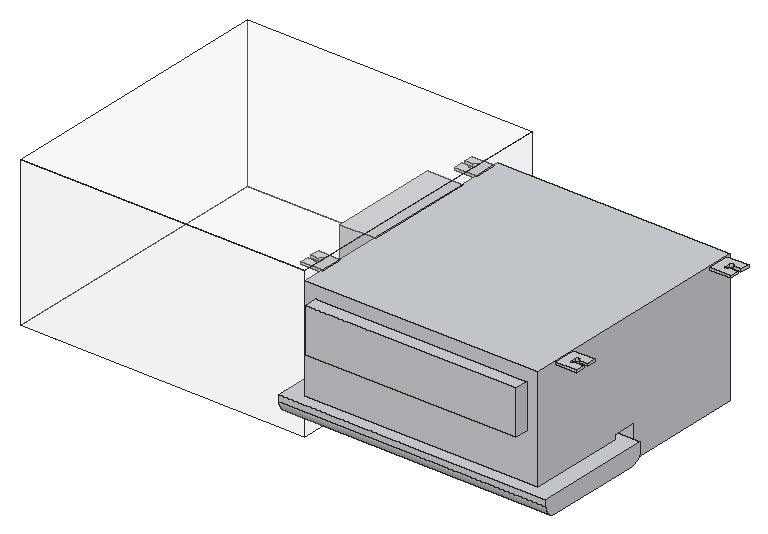
Revit family "pefy-mp22_36ml(-r)_60Hz", category 機械設備, Revit 2019
Family settings
  丸型コネクタ寸法 = 直径を使用
  パーツ タイプ = 標準
  OmniClass 番号 = 23.75.10.24.21.27.27
  OmniClass タイトル = Split System Air Conditioning Units
  作業面ベース = いいえ
  常に垂直 = はい
  ロード時にボイドで切り取り = いいえ
  共有 = いいえ
  部屋計算ポイント = はい
Parameters (values of type "PEFY-MP22ML")
  騒音レベル（弱）(dB) = 39
  音響パワーレベル（中1）(dB) = 49
  風量（弱）（m3／min） = 4.8
  風量（中2）（m3／min） = 5.8
  風量（中1）（m3／min） = 6.8
  風量（m3／min） = 7.9
  音響パワーレベル（中2）(dB) = 45
  音響パワーレベル(dB) = 53
  電圧_電気ヒーター = 0 V
  電動機出力_送風機 = 0.085 kW
  運転質量 = 0.00 kg
  説明 = "ビル用マルチエアコン 天井埋込形 室内機"
  設計暖房能力 [instance] = 0 kW
  設計冷房能力_顕熱 [instance] = 0 kW
  設計冷房能力 [instance] = 0 kW
  設置方法 = "天井吊（隠ぺい）形"
  製造元 = "三菱電機株式会社"
  製品質量 = 18.00 kg
  製品出荷対象 = "国内"
  製品リリース年月 = "2024/9/30"
  製品グループ = ""
  表示 = yes
  系統 [instance] = ""
  相_電気ヒーター = 1
  盤記号 [instance] = ""
  特殊仕様 [instance] = ""
  点検口 = yes
  消費電力_電気ヒーター = 0 kW
  消費電力_暖房 = 0.03 kW
  消費電力_加湿器 = 0 kW
  消費電力_冷房 = 0.04 kW
  消費電力 = if(消費電力_冷房 > 消費電力_暖房, 消費電力_冷房, 消費電力_暖房) + 消費電力_加湿器 + 消費電力_電気ヒーター  # 0.04 kW
  法定耐用年数 = "15"
  機外静圧 = 5.0 Pa
  極数 = 1
  材質 [instance] = ""
  形式_加湿器 = ""
  形式 = "天井吊（隠ぺい）形（両ダクト形）"
  幹線記号 [instance] = ""
  呼称 = "室内機_天井吊（隠ぺい）形（両ダクト形）"
  台数_手元リモコン [instance] = ""
  台数_冷媒分岐ユニット [instance] = ""
  参照している仕様書等のバージョン = "公共建築工事標準仕様書（機械設備工事編）平成31年度版"
  加湿給水管径 = 0.00 mm
  分類コード = "50053003221070"
  分類グループ = ""
  冷媒高低圧ガス管径 = 0.00 mm
  価格 = 0
  企業コード = "108420"
  付属品_フィルター = ""
  付属品 [instance] = ""
  仕様書バージョン = "Version1.0"
  モデル = "PEFY-MP22ML"
  コメント [instance] = ""
  Keynote = ""
  Width = 530.000 mm
  Version = ""
  Uniclass2015Version = "Systems v1.9"
  Uniclass2015Title = "Split coil remote air cooled condensing units"
  Uniclass2015Code = "Pr_70_65_03_84"
  URL = "https://www.mitsubishielectric.co.jp/ldg/wink/qr/002/335170/"
  SpecificationReference = ""
  SpecificationDescription = ""
  風量 = MAX風量  # 474.0 m³/h
  電源種別 = ""
  電圧 = 200 V
  連動 = ""
  質量 = if(製品質量 > 運転質量, 製品質量, 運転質量) * 1.2  # 21.60 kg
  負荷分類 = 3_ファン類
  記号 [instance] = ""
  符号 = "ACP-CID"
  積算_科目 = "1 空気調和設備"
  積算_拾い区分 [instance] = ""
  相 = 1
  発停方法 = "付属スイッチ"
  火災停止 = ""
  本体マテリアル = none
  有効加湿量 = 0
  暖房能力 = 2.5 kW
  始動方式 = "直入"
  周波数 = 60 Hz
  冷房能力 = 2.2 kW
  冷媒管径符号 = "Ac"
  冷媒管径 = 100.00 mm
  冷媒液管径 = 6.35 mm
  冷媒ガス管径 = 12.70 mm
  ドレン管径 = 27.20 mm
  SAサイズ_W = 480.000 mm
  SAサイズ_D = 100.000 mm
  Revision = ""
  R-表示 = no
  ProductInformation = ""
  OmniClassCode = "23-33 17 13 11"
  MIN風量 = 風量（弱）（m3／min） * 60.0 m³/h  # 288.0 m³/h
  MID風量2 = 風量（中2）（m3／min） * 60.0 m³/h  # 348.0 m³/h
  MID風量 = 風量（中1）（m3／min） * 60.0 m³/h  # 408.0 m³/h
  MAX風量 = 風量（m3／min） * 60.0 m³/h  # 474.0 m³/h
  IfcTypeProduct = ""
  IfcProduct = ""
  IfcExportType = "AIRCONDITIONINGUNIT"
  IfcExportAs = "IfcUnitaryEquipmentType"
  Height = 300.000 mm
  Depth = 550.000 mm
  Author = "三菱電機株式会社"
Types (6, lengths in mm): name | 音響パワーレベル（中1）(dB) | 風量（中2）（m3／min） | 風量（中1）（m3／min） | 風量（m3／min） | 音響パワーレベル（中2）(dB) | 音響パワーレベル(dB) | 表示 | 消費電力_暖房 | 消費電力_冷房 | 消費電力 | モデル | URL | 風量 | 暖房能力 | 冷房能力 | R-表示 | MID風量2 | MID風量 | MAX風量
  PEFY-MP22ML | 49 | 5.8 | 6.8 | 7.9 | 45 | 53 | yes | 0.03 kW | 0.04 kW | 0.04 kW | "PEFY-MP22ML" | "https://www.mitsubishielectric.co.jp/ldg/wink/qr/002/335170/" | 474.0 m³/h | 2.5 kW | 2.2 kW | no | 348.0 m³/h | 408.0 m³/h | 474.0 m³/h
  PEFY-MP28ML | 49 | 5.8 | 6.8 | 7.9 | 45 | 53 | yes | 0.03 kW | 0.04 kW | 0.04 kW | "PEFY-MP28ML" | "https://www.mitsubishielectric.co.jp/ldg/wink/qr/002/335171/" | 474.0 m³/h | 3.2 kW | 2.8 kW | no | 348.0 m³/h | 408.0 m³/h | 474.0 m³/h
  PEFY-MP36ML | 51 | 6.3 | 7.8 | 9.3 | 47 | 56 | yes | 0.04 kW | 0.05 kW | 0.05 kW | "PEFY-MP36ML" | "https://www.mitsubishielectric.co.jp/ldg/wink/qr/002/335172/" | 558.0 m³/h | 4 kW | 3.6 kW | no | 378.0 m³/h | 468.0 m³/h | 558.0 m³/h
  PEFY-MP22ML-R | 49 | 5.8 | 6.8 | 7.9 | 45 | 53 | no | 0.03 kW | 0.04 kW | 0.04 kW | "PEFY-MP22ML-R" | "https://www.mitsubishielectric.co.jp/ldg/wink/qr/002/335173/" | 474.0 m³/h | 2.5 kW | 2.2 kW | yes | 348.0 m³/h | 408.0 m³/h | 474.0 m³/h
  PEFY-MP28ML-R | 49 | 5.8 | 6.8 | 7.9 | 45 | 53 | no | 0.03 kW | 0.04 kW | 0.04 kW | "PEFY-MP28ML-R" | "https://www.mitsubishielectric.co.jp/ldg/wink/qr/002/335174/" | 474.0 m³/h | 3.2 kW | 2.8 kW | yes | 348.0 m³/h | 408.0 m³/h | 474.0 m³/h
  PEFY-MP36ML-R | 51 | 6.3 | 7.8 | 9.3 | 47 | 56 | no | 0.04 kW | 0.05 kW | 0.05 kW | "PEFY-MP36ML-R" | "https://www.mitsubishielectric.co.jp/ldg/wink/qr/002/335175/" | 558.0 m³/h | 4 kW | 3.6 kW | yes | 378.0 m³/h | 468.0 m³/h | 558.0 m³/h
Reference planes
  plane 1 "中心(正面/背面)": y = 0
  plane 2: z = 0
  plane 3 "中心(左/右)": x = 0
  plane 4 "左": x = -265
  plane 5 "右": x = 265
  plane 6 "正面": y = -275
  plane 7 "背面": y = 275
  plane 8: z = 300
  plane 9: z = 320
  plane 10: z = -20
  plane 11: y = 375
  plane 12: y = -375
  plane 13: x = -915
  plane 14: x = -465
  plane 15: x = 915
  plane 16: x = 465
  plane 17: y = -175
Lines and regions (mm)
  Masking region 1, detail levels coarse+medium
    outline origin (0, 0, 0) x (1, 0, 0) y (0, 1, 0)
      loop
        line (-265, 275) -> (-265, -275) -> (265, -275) -> (265, 275) -> (-265, 275)
  symbolic lines
    curve 1: line (265, 275, 0) -> (-265, 275, 0)
    curve 2: line (-265, 275, 0) -> (-265, -275, 0)
    curve 3: line (-265, -275, 0) -> (265, -275, 0)
    curve 4: line (265, -275, 0) -> (265, 275, 0)
Dimensions and locks
  "Height": plane 8 to level
  equal spacing: plane 4 "左", plane 3 "中心(左/右)", plane 5 "右"
  "Width": plane 4 "左" to plane 5 "右"
  equal spacing: plane 6 "正面", plane 1 "中心(正面/背面)", plane 7 "背面"
  "Depth": plane 6 "正面" to plane 7 "背面"
  locked: plane 9 to plane 8 at 20
  locked: plane 2 to plane 10 at 20
  locked: plane 13 to plane 4 "左" at 650
  locked: plane 13 to plane 14 at 450
  locked: plane 6 "正面" to plane 11 at 650
  locked: plane 12 to plane 7 "背面" at 650
  locked: plane 5 "右" to plane 15 at 650
  locked: plane 16 to plane 15 at 450
  aligned and locked: level to plane 2
  aligned and locked: plane 10 to nested 3
  aligned and locked: plane 9 to nested 3
  aligned and locked: plane 2 to nested 4
  aligned and locked: plane 9 to nested 4
  aligned and locked: nested 2 to plane 3 "中心(左/右)"
  aligned and locked: nested 2 to plane 1 "中心(正面/背面)"
  aligned and locked: plane 15 to nested 4
  aligned and locked: plane 11 to nested 4
  aligned and locked: plane 5 "右" to nested 4
  aligned and locked: plane 6 "正面" to nested 4
  aligned and locked: plane 4 "左" to nested 3
  aligned and locked: plane 13 to nested 3
  aligned and locked: plane 1 "中心(正面/背面)" to nested 1
  aligned and locked: nested 1 to plane 3 "中心(左/右)"
  aligned and locked: plane 6 "正面" to nested 3
  aligned and locked: plane 11 to nested 3
  aligned and locked: curve 1 to nested 1
  aligned and locked: curve 2 to nested 1
  aligned and locked: curve 3 to nested 1
  aligned and locked: curve 4 to nested 1
  aligned and locked: plane 13 to nested 5
  aligned and locked: plane 14 to nested 5
  aligned and locked: plane 17 to nested 5
  aligned and locked: nested 5 to plane 7 "背面"
  aligned and locked: plane 15 to nested 6
  aligned and locked: nested 6 to plane 7 "背面"
  aligned and locked: plane 16 to nested 6
  aligned and locked: nested 6 to plane 17
Automatic sketch dimensions
  Masking region 1 sketch curve to plane 4 "左" = 0.000 mm
  Masking region 1 sketch curve to plane 5 "右" = 0.000 mm
  plane 6 "正面" to Masking region 1 sketch curve = 0.000 mm
  plane 7 "背面" to Masking region 1 sketch curve = 0.000 mm
Nested families
  nested 1: "PEFY-MP_ML" at (0, 0, 0) x (0, -1, 0) z (0, 0, 1), 表示 <- "表示", ①奥行き <- "Width", ①幅 <- "Depth", ①高さ <- "Height", ガス径 <- "冷媒ガス管径", ドレン径 <- "ドレン管径", 配管径 <- "冷媒管径", 液径 <- "冷媒液管径", type "PEFY-MP_ML"
    with 配管径 100.000 mm, 表示 yes, 液径 6.350 mm, 液W 27.000 mm, 液H 153.000 mm, 液D 62.000 mm, 吊りボルトW 439.000 mm, 吊りボルトH 0.000 mm, 吊りボルトD 584.000 mm, 加湿器径 0.000 mm, 加湿器W 0.000 mm, 加湿器H 0.000 mm, 加湿器D 0.000 mm, ドレン径 27.200 mm, ドレンW 109.000 mm, ドレンH 252.000 mm, ダクト高 100.000 mm, ダクト幅 480.000 mm, ガス径 12.700 mm, ガスW 139.000 mm, ガスH 37.000 mm, ①高さ 300.000 mm, ①幅 550.000 mm, ①奥行き 530.000 mm
  nested 2: "PEFY-MP_ML" at (0, 0, 0) x (0, -1, 0) z (0, 0, 1), 表示 <- "R-表示", ドレン径 <- "ドレン管径", type "PEFY-MP_ML"
    with 配管径 100.000 mm, 表示 no, 液径 6.350 mm, 液W 27.000 mm, 液H 153.000 mm, 液D 62.000 mm, 吊りボルトW 439.000 mm, 吊りボルトH 0.000 mm, 吊りボルトD 584.000 mm, 加湿器径 0.000 mm, 加湿器W 0.000 mm, 加湿器H 0.000 mm, 加湿器D 0.000 mm, ドレン径 27.200 mm, ドレンW 109.000 mm, ドレンH 252.000 mm, ダクト高 100.000 mm, ダクト幅 480.000 mm, ガス径 12.700 mm, ガスW 139.000 mm, ガスH 37.000 mm, ①高さ 300.000 mm, ①幅 550.000 mm, ①奥行き 530.000 mm
  nested 3: "サービススペース" at (-590, 50, 150), visible <- "表示", type "サービススペース"
    with Width 650.000 mm, Height 340.000 mm, Depth 650.000 mm
  nested 4: "サービススペース" at (590, 50, 160), visible <- "R-表示", type "サービススペース"
    with Width 650.000 mm, Height 320.000 mm, Depth 650.000 mm
  nested 5: "点検口設置範囲" at (-690, 50, 0), visible <- "点検口", type "点検口設置範囲"
    with Width 450.000 mm, Depth 450.000 mm
  nested 6: "点検口設置範囲" at (690, 50, 0), visible <- "点検口", type "点検口設置範囲"
    with Width 450.000 mm, Depth 450.000 mm
Connectors
  electrical at (-345, 50, 187.5), driven by "極数", driven by "負荷分類", driven by "電圧", driven by "消費電力"
    settings: on nested 1, index 1, voltage 200 V, apparent load 40 VA, apparent load phase1 0 VA, apparent load phase2 0 VA, apparent load phase3 0 VA, power factor 1, load classification "3_ファン類", number of poles 1, system type 30, power factor state 1, is connector primary yes, connector utility no, sub classification motor no, connector description ""
  electrical at (345, 50, 187.5), driven by "極数", driven by "負荷分類", driven by "電圧", driven by "消費電力"
    settings: on nested 2, index 5, voltage 200 V, apparent load 40 VA, apparent load phase1 0 VA, apparent load phase2 0 VA, apparent load phase3 0 VA, power factor 1, load classification "3_ファン類", number of poles 1, system type 30, power factor state 1, is connector primary no, connector utility no, sub classification motor no, connector description ""
  piping at (327, -166, 48), diameter 27.2, driven by "ドレン管径"
    settings: on nested 2, index 9, connector inside diameter 609.60 mm, connector length 0.000 mm, flow factor 0, pipe flow 0.0 L/s, pressure drop 0.0 Pa, fitting loss kfactor 0, connector angle 0.00°, fixture units 0, engagement length 0.000 mm, angle of deflection 0.00°, flow configuration 1, flow direction 2, fitting loss method 4, system type 16, joint type 0, gender type 0, connector reference index -1, connector utility 0, adjustable connector no, is connector primary yes, connector description ""
  hvac at (0, -305, 222), driven by "SAサイズ_D", driven by "SAサイズ_W", driven by "風量"
    settings: on nested 2, index 10, duct flow 474.0 m³/h, flow factor 0, pres drop 0.0 Pa, loss coef 0, conn angle 0.00°, conn width 480 mm, conn height 100 mm, conn diameter 609.6 mm, duct sys type 1, conn prof type 1, flow config 0, flow direction 2, loss method 4, conn ref index -1, conn util no, is conn primary yes, conn desc ""
  piping at (-327, -166, 48), diameter 27.2, driven by "ドレン管径"
    settings: on nested 1, index 11, connector inside diameter 609.60 mm, connector length 0.000 mm, flow factor 0, pipe flow 0.0 L/s, pressure drop 0.0 Pa, fitting loss kfactor 0, connector angle 0.00°, fixture units 0, engagement length 0.000 mm, angle of deflection 0.00°, flow configuration 1, flow direction 2, fitting loss method 4, system type 16, joint type 0, gender type 0, connector reference index -1, connector utility 0, adjustable connector no, is connector primary no, connector description ""
  piping at (-334, -122.5, 186.5), diameter 100, driven by "冷媒管径", driven by "冷媒管径符号"
    settings: on nested 1, index 12, connector inside diameter 609.60 mm, connector length 0.000 mm, flow factor 0, pipe flow 0.0 L/s, pressure drop 0.0 Pa, fitting loss kfactor 0, connector angle 0.00°, fixture units 0, engagement length 0.000 mm, angle of deflection 0.00°, flow configuration 1, flow direction 1, fitting loss method 4, system type 7, joint type 0, gender type 0, connector reference index -1, connector utility 0, adjustable connector no, is connector primary no, connector description "Ac"
  piping at (334, -122.5, 186.5), diameter 100, driven by "冷媒管径符号", driven by "冷媒管径"
    settings: on nested 2, index 13, connector inside diameter 609.60 mm, connector length 0.000 mm, flow factor 0, pipe flow 0.0 L/s, pressure drop 0.0 Pa, fitting loss kfactor 0, connector angle 0.00°, fixture units 0, engagement length 0.000 mm, angle of deflection 0.00°, flow configuration 1, flow direction 1, fitting loss method 4, system type 7, joint type 0, gender type 0, connector reference index -1, connector utility 0, adjustable connector no, is connector primary no, connector description "Ac"
Definition of nested family "PEFY-MP_ML"
  Parameters (values of type "PEFY-MP_ML")
    表示 [instance] = yes
    加湿器径 [instance] = 0.000 mm
    加湿器W [instance] = 0.000 mm
    加湿器H [instance] = 0.000 mm
    加湿器D [instance] = 0.000 mm
    液径 [instance] = 6.350 mm
    吊りボルトW [instance] = 439.000 mm
    吊りボルトH [instance] = 0.000 mm
    吊りボルトD [instance] = 584.000 mm
    配管径 [instance] = 100.000 mm
    液W [instance] = 27.000 mm
    液H [instance] = 153.000 mm
    液D [instance] = 62.000 mm
    ドレン径 [instance] = 27.200 mm
    ドレンW [instance] = 109.000 mm
    ドレンH [instance] = 252.000 mm
    ダクト高 [instance] = 100.000 mm
    ダクト幅 [instance] = 480.000 mm
    ガス径 [instance] = 12.700 mm
    ガスW [instance] = 139.000 mm
    ガスH [instance] = 37.000 mm
    ①幅 [instance] = 550.000 mm
    ①高さ [instance] = 300.000 mm
    ①奥行き [instance] = 530.000 mm
  Reference planes
    plane 1 "中心(正面/背面)": y = 0
    plane 2: z = 0
    plane 3 "中心(左/右)": x = 0
    plane 4: x = -275
    plane 5: x = 275
    plane 6: y = 265
    plane 7: y = -265
    plane 8: z = 300
    plane 9: y = 292
    plane 10: y = -292
    plane 11: x = -239
    plane 12: x = 200
    plane 13: z = 295
    plane 14: x = 305
    plane 15: x = -214
    plane 16: x = -264
    plane 17: x = 175
    plane 18: x = 225
    plane 19: y = 315
    plane 20: y = -315
    plane 21: y = -345
    plane 22: z = 75
    plane 23: z = 25
    plane 24: x = 32
    plane 25: x = 75
    plane 26: x = -175
    plane 27: y = 305
    plane 28: y = -305
    plane 29: x = 300
    plane 30: x = 166
    plane 31: z = 65
    plane 32: z = 48
    plane 33: y = -240
    plane 34: y = 240
    plane 35: z = 272
    plane 36: z = 172
    plane 37: x = 109
    plane 38: x = 136
    plane 39: z = 263
    plane 40: z = 110
    plane 41: z = 186.5
    plane 42: x = 122.5
  Forms (mm)
    Extrusion 1, solid, visible <- "表示", detail levels fine
      sketch origin (0, 0, 0) x (1, 0, 0) y (0, 1, 0)
        loop
          line (-275, 265) -> (-275, -265) -> (275, -265) -> (275, 265) -> (-275, 265)
      from 75 to 300
    Extrusion 2, solid, visible <- "表示", detail levels fine
      sketch origin (0, 0, 0) x (1, 0, 0) y (0, 1, 0)
        loop
          line (-264, 315) -> (-264, 265) -> (-214, 265) -> (-214, 315) -> (-234, 315) -> (-234, 297)
          arc (-234, 297) -> (-229, 292) -> (-234, 287) r 5
          line (-234, 287) -> (-244, 287)
          arc (-244, 287) -> (-249, 292) -> (-244, 297) r 5
          line (-244, 297) -> (-244, 315) -> (-264, 315)
        loop
          line (-264, -315) -> (-244, -315) -> (-244, -297)
          arc (-244, -297) -> (-249, -292) -> (-244, -287) r 5
          line (-244, -287) -> (-234, -287)
          arc (-234, -287) -> (-229, -292) -> (-234, -297) r 5
          line (-234, -297) -> (-234, -315) -> (-214, -315) -> (-214, -265) -> (-264, -265) -> (-264, -315)
        loop
          line (175, 315) -> (175, 265) -> (225, 265) -> (225, 315) -> (205, 315) -> (205, 297)
          arc (205, 297) -> (210, 292) -> (205, 287) r 5
          line (205, 287) -> (195, 287)
          arc (195, 287) -> (190, 292) -> (195, 297) r 5
          line (195, 297) -> (195, 315) -> (175, 315)
        loop
          line (175, -315) -> (195, -315) -> (195, -297)
          arc (195, -297) -> (190, -292) -> (195, -287) r 5
          line (195, -287) -> (205, -287)
          arc (205, -287) -> (210, -292) -> (205, -297) r 5
          line (205, -297) -> (205, -315) -> (225, -315) -> (225, -265) -> (175, -265) -> (175, -315)
      from 295 to 300
    Extrusion 3, solid, visible <- "表示", detail levels fine
      sketch origin (0, 0, 0) x (1, 0, 0) y (0, 1, 0)
        loop
          line (0, 265) -> (-275, 265) -> (-275, -265) -> (0, -265) -> (0, 265)
      from 0 to 75
    Extrusion 4, solid, visible <- "表示", detail levels fine
      sketch origin (0, 0, 0) x (1, 0, 0) y (0, 0, 1)
        loop
          line (-175, 300) -> (-175, 75) -> (75, 75) -> (75, 300) -> (-175, 300)
      from 265 to 345
    Extrusion 5, solid, visible <- "表示", detail levels fine
      sketch origin (0, 0, 0) x (1, 0, 0) y (0, 0, 1)
        loop
          line (32, 65) -> (32, 50)
          arc (32, 50) -> (39.322, 32.322) -> (57, 25) r 25
          line (57, 25) -> (275, 25)
          arc (275, 25) -> (292.678, 32.322) -> (300, 50) r 25
          line (300, 50) -> (300, 65) -> (32, 65)
      from -305 to 305
    Extrusion 6, solid, visible <- "表示", detail levels fine
      sketch origin (0, 0, 0) x (1, 0, 0) y (0, 1, 0)
        loop
          line (275, 265) -> (55, 265) -> (55, -265) -> (275, -265) -> (275, 265)
      from 65 to 75
    Extrusion 7, solid, visible <- "表示", detail levels fine
      sketch origin (0, 0, 0) x (0, 1, 0) y (0, 0, 1)
        loop
          line (240, 272) -> (-240, 272) -> (-240, 172) -> (240, 172) -> (240, 272)
      from 275 to 305
    Extrusion 8, solid, detail levels coarse+medium
      sketch origin (0, 0, 0) x (1, 0, 0) y (0, 1, 0)
        loop
          line (275, 265) -> (-275, 265) -> (-275, -265) -> (275, -265) -> (275, 265)
      from 25 to 300
    Extrusion 9, solid, visible <- "表示", detail levels fine
      sketch origin (-275, -265, 0) x (1, 0, 0) y (0, 0, 1)
        loop
          circle (397.5, 186.5) r 50
      from 0 to 69
    Extrusion 10, solid, visible <- "表示", detail levels fine
      sketch origin (0, -305, 0) x (1, 0, 0) y (0, 0, 1)
        loop
          circle (166, 48) r 13.6
      from 0 to 22
  Cuts and joins
    joined: Extrusion 1, Extrusion 3, Extrusion 6
  Dimensions and locks
    equal spacing: plane 7, plane 1 "中心(正面/背面)", plane 6
    "①奥行き": plane 7 to plane 6
    equal spacing: plane 4, plane 3 "中心(左/右)", plane 5
    "①幅": plane 4 to plane 5
    "吊りボルトW": plane 11 to plane 12
    locked: plane 8 to plane 13 at 5
    "吊りボルトD": plane 10 to plane 9
    equal spacing: plane 10, plane 1 "中心(正面/背面)", plane 9
    locked: plane 5 to plane 14 at 30
    locked: plane 12 to plane 14 at 105
    locked: plane 20 to plane 7 at 50
    locked: plane 6 to plane 19 at 50
    plane 16 to plane 11 to plane 15 = 25.000 mm locked, 25.000 mm locked
    plane 17 to plane 12 to plane 18 = 25.000 mm locked, 25.000 mm locked
    locked: plane 21 to plane 7 at 80
    "①高さ": plane 8 to level
    locked: plane 8 to plane 22 at 225
    locked: plane 4 to plane 26 at 100
    locked: plane 26 to plane 25 at 250
    locked: plane 21 to plane 27 at 650
    locked: plane 28 to plane 7 at 40
    plane 6 to plane 27 = 40.000 mm
    locked: plane 5 to plane 29 at 25
    locked: plane 24 to plane 29 at 268
    "ドレンW": plane 5 to plane 30
    locked: plane 22 to plane 31 at 10
    locked: plane 22 to plane 23 at 50
    "ドレンH": plane 8 to plane 32
    locked: plane 7 to plane 33 at 25
    "ダクト幅": plane 33 to plane 34
    locked: plane 8 to plane 35 at 28
    "ダクト高": plane 35 to plane 36
    "ガスW": plane 5 to plane 38
    "液W": plane 38 to plane 37
    "ガスH": plane 8 to plane 39
    "液H": plane 39 to plane 40
    diameter of Extrusion 9 sketch curve = 100.000 mm
    "ドレン径": diameter of Extrusion 10 sketch curve
    aligned and locked: level to plane 2
    aligned and locked: plane 6 to Extrusion 1 sketch curve
    aligned and locked: plane 4 to Extrusion 1 sketch curve
    aligned and locked: Extrusion 1 sketch curve to plane 7
    aligned and locked: Extrusion 1 sketch curve to plane 5
    aligned and locked: plane 8 to Extrusion 1
    aligned and locked: plane 10 to nested 1
    aligned and locked: plane 11 to nested 1
    aligned and locked: plane 12 to nested 1
    aligned and locked: nested 1 to plane 9
    aligned and locked: plane 19 to Extrusion 2 sketch curve  (x4)
    aligned and locked: plane 16 to Extrusion 2 sketch curve
    aligned and locked: Extrusion 2 sketch curve to plane 6  (x2)
    aligned and locked: Extrusion 2 sketch curve to plane 15
    aligned and locked: plane 9 to Extrusion 2 sketch curve  (x4)
    aligned and locked: Extrusion 2 sketch curve to plane 18
    aligned and locked: plane 17 to Extrusion 2 sketch curve
    aligned and locked: Extrusion 2 sketch curve to plane 16
    aligned and locked: Extrusion 2 sketch curve to plane 7  (x2)
    aligned and locked: plane 15 to Extrusion 2 sketch curve
    aligned and locked: plane 20 to Extrusion 2 sketch curve  (x4)
    aligned and locked: plane 10 to Extrusion 2 sketch curve  (x4)
    aligned and locked: plane 18 to Extrusion 2 sketch curve
    aligned and locked: Extrusion 2 sketch curve to plane 17
    aligned and locked: plane 8 to Extrusion 2
    aligned and locked: Extrusion 2 to plane 13
    aligned and locked: Extrusion 1 to plane 22
    aligned and locked: Extrusion 1 to Extrusion 3 sketch curve
    aligned and locked: plane 3 "中心(左/右)" to Extrusion 3 sketch curve
    aligned and locked: Extrusion 3 sketch curve to Extrusion 1  (x2)
    aligned and locked: Extrusion 3 to Extrusion 1
    aligned and locked: Extrusion 4 sketch curve to plane 8
    aligned and locked: plane 26 to Extrusion 4 sketch curve
    aligned and locked: plane 22 to Extrusion 4 sketch curve
    aligned and locked: Extrusion 4 sketch curve to plane 25
    aligned and locked: plane 21 to Extrusion 4
    aligned and locked: Extrusion 4 to plane 7
    aligned and locked: Extrusion 5 sketch curve to plane 31
    aligned and locked: Extrusion 5 sketch curve to plane 24
    aligned and locked: Extrusion 5 sketch curve to plane 29
    aligned and locked: Extrusion 5 sketch curve to plane 23
    aligned and locked: plane 28 to Extrusion 5
    aligned and locked: Extrusion 5 to plane 27
    aligned and locked: Extrusion 6 sketch curve to plane 5
    aligned and locked: Extrusion 6 sketch curve to plane 6
    aligned and locked: Extrusion 6 sketch curve to plane 7
    aligned and locked: Extrusion 6 to plane 31
    aligned and locked: plane 22 to Extrusion 6
    aligned and locked: plane 35 to Extrusion 7 sketch curve
    aligned and locked: Extrusion 7 sketch curve to plane 36
    aligned and locked: plane 33 to Extrusion 7 sketch curve
    aligned and locked: Extrusion 7 to plane 5
    aligned and locked: plane 14 to Extrusion 7
    aligned and locked: Extrusion 8 sketch curve to cut or joined group of Extrusion 1, Extrusion 3, Extrusion 6  (x4)
    aligned and locked: Extrusion 5 to Extrusion 8
    aligned and locked: Extrusion 2 to Extrusion 8
  Automatic sketch dimensions
    Extrusion 2 sketch curve to plane 11 = 5.000 mm  (x4)
    plane 11 to Extrusion 2 sketch curve = 5.000 mm  (x3)
    Extrusion 2 sketch curve to plane 12 = 5.000 mm  (x3)
    plane 12 to Extrusion 2 sketch curve = 5.000 mm  (x3)
    Extrusion 2 sketch curve to Extrusion 2 sketch curve = 5.000 mm  (x2)
    plane 9 to Extrusion 2 sketch curve = 5.000 mm  (x2)
    Extrusion 2 sketch curve to Extrusion 2 sketch curve = 0.000 mm
    Extrusion 5 sketch curve to plane 31 = 15.000 mm
    Extrusion 5 sketch curve to plane 5 = 0.000 mm
    Extrusion 6 sketch curve to plane 25 = 20.000 mm
    Extrusion 7 sketch curve to plane 34 = 0.000 mm
    Extrusion 9 sketch curve to Extrusion 8 = 152.500 mm
    Extrusion 8 to Extrusion 9 sketch curve = 113.500 mm
    Extrusion 10 sketch curve to Extrusion 5 = 17.000 mm
    Extrusion 10 sketch curve to Extrusion 5 = 134.000 mm
  Nested families
    nested 1: "固定点" at (-239, -292, 0), visible <- "表示", type "固定点", detail levels fine
      with W 439.000 mm, D 584.000 mm, 中心円 10.000 mm
  Definition of nested family "固定点"
    Parameters (values of type "固定点")
      中心円 = 20.000 mm
      W [instance] = 1000.000 mm
      D [instance] = 1000.000 mm
    Reference planes
      plane 1 "中心(正面/背面)": y = 0
      plane 2: z = 0
      plane 3 "中心(左/右)": x = 0
      plane 4: x = 1000
      plane 5: y = 1000
    Lines and regions (mm)
      symbolic lines, detail levels fine
        curve 1: circle (0, 1000, 0) r 10 normal (0, 0, 1)
        curve 2: circle (0, 0, 0) r 10 normal (0, 0, 1)
        curve 3: circle (1000, 1000, 0) r 10 normal (0, 0, 1)
        curve 4: circle (1000, 0, 0) r 10 normal (0, 0, 1)
        curve 5: line (-200, 1000, 0) -> (1200, 1000, 0)
        curve 6: line (-200, 0, 0) -> (1200, 0, 0)
        curve 7: line (0, 1200, 0) -> (0, -200, 0)
        curve 8: line (1000, 1200, 0) -> (1000, -200, 0)
    Dimensions and locks
      "W": plane 3 "中心(左/右)" to plane 4
      "D": plane 1 "中心(正面/背面)" to plane 5
      "中心円": diameter of curve 1
      "中心円": diameter of curve 2
      "中心円": diameter of curve 3
      "中心円": diameter of curve 4
      aligned and locked: level to plane 2
      aligned and locked: plane 5 to curve 1
      aligned and locked: plane 3 "中心(左/右)" to curve 1
      aligned and locked: plane 3 "中心(左/右)" to curve 2
      aligned and locked: plane 1 "中心(正面/背面)" to curve 2
      aligned and locked: plane 4 to curve 3
      aligned and locked: plane 5 to curve 3
      aligned and locked: plane 1 "中心(正面/背面)" to curve 4
      aligned and locked: plane 4 to curve 4
      aligned and locked: plane 1 "中心(正面/背面)" to curve 6
      aligned and locked: curve 7 to plane 3 "中心(左/右)"
      aligned and locked: curve 8 to plane 4
    Automatic sketch dimensions
      curve 5 to plane 5 = 0.000 mm
      curve 6 to plane 3 "中心(左/右)" = 200.000 mm
      curve 5 to plane 3 "中心(左/右)" = 200.000 mm
      curve 4 to curve 6 = 200.000 mm
      curve 3 to curve 5 = 200.000 mm
      plane 1 "中心(正面/背面)" to curve 8 = 200.000 mm
      plane 1 "中心(正面/背面)" to curve 7 = 200.000 mm
      curve 3 to curve 8 = 200.000 mm
      curve 1 to curve 7 = 200.000 mm
Definition of nested family "サービススペース"
  Parameters (values of type "サービススペース")
    Width [instance] = 500.000 mm
    Height [instance] = 500.000 mm
    Depth [instance] = 500.000 mm
  Reference planes
    plane 1 "中心(正面/背面)": y = 0
    plane 2: z = 0
    plane 3 "中心(左/右)": x = 0
    plane 4: y = -250
    plane 5: x = 250
    plane 6: y = 250
    plane 7: x = -250
    plane 8: z = 250
    plane 9: z = -250
  Forms (mm)
    Extrusion 1, solid
      sketch origin (-638.939, 0, 72.39) x (1, 0, 0) y (0, 1, 0)
        loop
          line (388.939, 250) -> (388.939, -250) -> (888.939, -250) -> (888.939, 250) -> (388.939, 250)
      from -322.39 to 177.61
  Lines and regions (mm)
    symbolic lines
      curve 1: line (-250, 0, 250) -> (250, 0, 250)
      curve 2: line (-250, 0, -250) -> (-250, 0, 250)
      curve 3: line (250, 0, -250) -> (-250, 0, -250)
      curve 4: line (250, 0, 250) -> (250, 0, -250)
      curve 5: line (0, -250, 250) -> (0, 250, 250)
      curve 6: line (0, -250, -250) -> (0, -250, 250)
      curve 7: line (0, 250, -250) -> (0, -250, -250)
      curve 8: line (0, 250, 250) -> (0, 250, -250)
      curve 9: line (-250, 250, 0) -> (250, 250, 0)
      curve 10: line (-250, -250, 0) -> (-250, 250, 0)
      curve 11: line (250, -250, 0) -> (-250, -250, 0)
      curve 12: line (250, 250, 0) -> (250, -250, 0)
  Dimensions and locks
    equal spacing: plane 7, plane 3 "中心(左/右)", plane 5
    equal spacing: plane 4, plane 1 "中心(正面/背面)", plane 6
    "Depth": plane 4 to plane 6
    "Width": plane 7 to plane 5
    equal spacing: plane 8, plane 2, plane 9
    "Height": plane 8 to plane 9
    aligned and locked: plane 9 to curve 3
    aligned and locked: plane 7 to curve 2
    aligned and locked: curve 4 to plane 5
    aligned and locked: plane 5 to Extrusion 1
    aligned and locked: Extrusion 1 to plane 7
    aligned and locked: Extrusion 1 to plane 9
    aligned and locked: plane 8 to Extrusion 1
    aligned and locked: plane 9 to curve 7
  Automatic sketch dimensions
    plane 4 to Extrusion 1 sketch curve = 0.000 mm
    Extrusion 1 sketch curve to plane 7 = 0.000 mm
    Extrusion 1 sketch curve to plane 5 = 0.000 mm
    plane 6 to Extrusion 1 sketch curve = 0.000 mm
    curve 2 to plane 8 = 0.000 mm
    plane 4 to curve 11 = 0.000 mm
    curve 11 to plane 7 = 0.000 mm
    curve 11 to plane 5 = 0.000 mm
    plane 6 to curve 10 = 0.000 mm
    curve 7 to plane 4 = 0.000 mm
    curve 7 to plane 6 = 0.000 mm
    curve 6 to plane 8 = 0.000 mm
Definition of nested family "点検口設置範囲"
  Parameters (values of type "点検口設置範囲")
    Width [instance] = 650.000 mm
    Depth [instance] = 650.000 mm
  Reference planes
    plane 1 "中心(正面/背面)": y = 0
    plane 2: z = 0
    plane 3 "中心(左/右)": x = 0
    plane 4: x = -325
    plane 5: x = 325
    plane 6: y = -325
    plane 7: y = 325
  Lines and regions (mm)
    model lines
      curve 1: line (-325, 325, 0) -> (325, 325, 0)
      curve 2: line (-325, -325, 0) -> (-325, 325, 0)
      curve 3: line (325, -325, 0) -> (-325, -325, 0)
      curve 4: line (325, 325, 0) -> (325, -325, 0)
  Dimensions and locks
    "Depth": plane 7 to plane 6
    "Width": plane 4 to plane 5
    equal spacing: plane 7, plane 1 "中心(正面/背面)", plane 6
    equal spacing: plane 4, plane 3 "中心(左/右)", plane 5
    aligned and locked: level to plane 2
    aligned and locked: plane 4 to curve 2
    aligned and locked: curve 1 to plane 7
    aligned and locked: curve 4 to plane 5
    aligned and locked: plane 6 to curve 3
